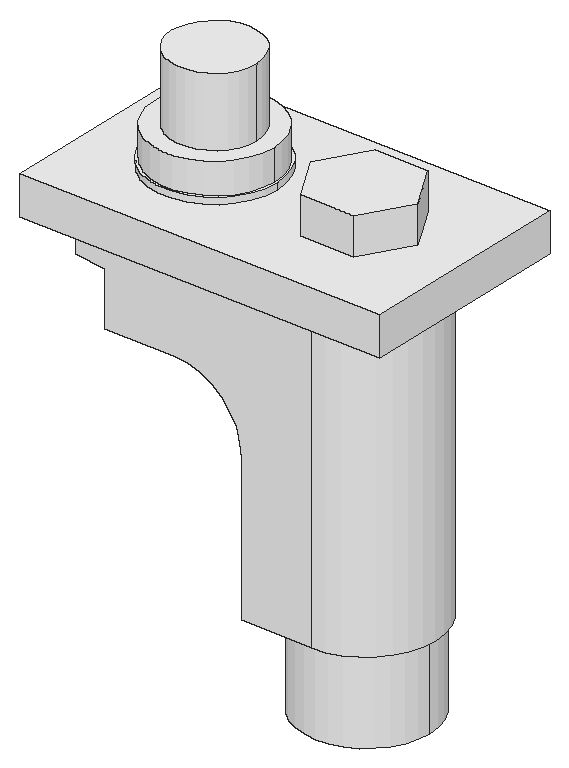
Revit family "MHY-30", category Plumbing Fixtures, host Face, Revit 2026
Family settings
  Host = Face
  Round Connector Dimension = Use Diameter
  Part Type = Normal
  Classification Number = 23.45.55.21
  Enable Cutting in Views = No
  Cut with Voids When Loaded = No
  Maintain Annotation Orientation = No
  Shared = No
  Room Calculation Point = No
Parameters
  Wall Thikness = 3.500"
  WFU = 0
  URL = "www.mifab.com"
  Model = "MHY-30"
  Manufacturer = "MIFAB"
  Hydrant Material = Chrome Plated
  Description = "Moderate Climate Wall Hydrant"
  Default Elevation = 0.000"
Reference planes (in)
  plane 1 "Center (Front/Back)": y = 0
  plane 2: z = 0
  plane 3 "Center (Left/Right)": x = 0
  plane 4: z = -6.364
  plane 5: z = -1.864
  plane 6: z = -5.364
Forms (in)
  Extrusion 1, solid, material "Chrome Plated" <- "Hydrant Material"
    sketch origin (-0.41379, 0, -10.36788) x (1, 0, 0) y (0, 1, 0)
      loop
        circle (1.38, 0) r 0.75
    from 4.00388 to 5.00388
  Extrusion 2, solid, material "Chrome Plated" <- "Hydrant Material"
    sketch origin (-0.41379, 0, -18.00514) x (1, 0, 0) y (0, 1, 0)
      loop
        arc (1.38, -0.8125) -> (2.1925, 0) -> (1.38, 0.8125) r 0.8125
        line (1.38, 0.8125) -> (1.38, -0.8125)
    from 12.64114 to 16.30514
  Extrusion 3, solid, material "Chrome Plated" <- "Hydrant Material"
    sketch origin (-0.41379, 0, -18.00514) x (1, 0, 0) y (0, 0, 1)
      loop
        line (-1.398, 16.30514) -> (-1.398, 15.83003) -> (-1.055, 15.78703) -> (-1.055, 15.1529) -> (-0.24047, 15.1529)
        arc (-0.24047, 15.1529) -> (0.31997, 14.92075) -> (0.55211, 14.36031) r 0.79258
        line (0.55211, 14.36031) -> (0.55211, 12.64114) -> (1.38, 12.64114) -> (1.38, 16.30514) -> (-1.398, 16.30514)
    from -0.8125 to 0.8125
  Extrusion 4, solid, material "Chrome Plated" <- "Hydrant Material"
    sketch origin (-0.41379, 0, -10.36788) x (1, 0, 0) y (0, 1, 0)
      loop
        line (-1.71121, -1.25) -> (2.53879, -1.25) -> (2.53879, 1.25) -> (-1.71121, 1.25) -> (-1.71121, -1.25)
    from 8.66788 to 9.11788
  Extrusion 5, solid, material "Chrome Plated" <- "Hydrant Material"
    sketch origin (-0.44319, 0, -17.55514) x (1, 0, 0) y (0, 1, 0)
      loop
        circle (-0.38412, 0) r 0.739
    from 16.30514 to 16.37894
  Extrusion 6, solid, material "Chrome Plated" <- "Hydrant Material"
    sketch origin (-0.44319, 0, -17.55514) x (1, 0, 0) y (0, 1, 0)
      loop
        circle (-0.38412, 0) r 0.70723
    from 16.37894 to 16.74065
  Extrusion 7, solid, material "Chrome Plated" <- "Hydrant Material"
    sketch origin (-0.44319, 0, -17.55514) x (1, 0, 0) y (0, 1, 0)
      loop
        circle (-0.38412, 0) r 0.5
    from 16.74065 to 17.55514
  Extrusion 8, solid, material "Chrome Plated" <- "Hydrant Material"
    sketch origin (-0.44319, 0, -17.55514) x (1, 0, 0) y (0, 1, 0)
      loop
        line (0.7505, 0) -> (1.06525, -0.54516) -> (1.69475, -0.54516) -> (2.0095, 0) -> (1.69475, 0.54516) -> (1.06525, 0.54516) -> (0.7505, 0)
    from 16.30514 to 16.74065
Cuts and joins
  joined: Extrusion 1, Extrusion 2, Extrusion 3, Extrusion 4, Extrusion 5, Extrusion 6, Extrusion 7, Extrusion 8
Lines and regions (in)
  symbolic lines, style "PlumbingFixtures"
    curve 1: line (-2.125, 1.0625, 0) -> (2.125, 1.0625, 0)
    curve 2: line (-2.125, -1.4375, 0) -> (-2.125, 1.0625, 0)
    curve 3: line (2.125, -1.4375, 0) -> (-2.125, -1.4375, 0)
    curve 4: line (2.125, 1.0625, 0) -> (2.125, -1.4375, 0)
Dimensions and locks (in)
  "Wall Thikness": plane 5 to plane 6
  curve 2 to curve 4 = 4.250"  (x2)
  curve 4 to curve 2 = 4.250"
  locked: cut or joined group 1 (Extrusion 1, Extrusion 2, Extrusion 3, Extrusion 4, Extrusion 5, Extrusion 6, Extrusion 7, Extrusion 8) to cut or joined group 1 at 0.45
  Extrusion 4 sketch curve to Extrusion 4 sketch curve = 4.250"
  Extrusion 4 sketch curve to plane 1 "Center (Front/Back)" to Extrusion 4 sketch curve = 1.250", 1.250"
  plane 6 to plane 4 = 1.000"
  aligned and locked: plane 2 to host face
  aligned and locked: level to host face
  aligned and locked: Extrusion 3 to Extrusion 1
  aligned and locked: Extrusion 2 to Extrusion 1
  aligned and locked: Extrusion 3 to Extrusion 2
  aligned and locked: Extrusion 1 to plane 4
  aligned and locked: Extrusion 2 to plane 6
  aligned and locked: Extrusion 5 to Extrusion 8
  aligned and locked: Extrusion 6 to Extrusion 5
  aligned and locked: Extrusion 6 to Extrusion 7
  aligned and locked: Extrusion 7 to Extrusion 8
  aligned and locked: Extrusion 8 to Extrusion 6
  aligned and locked: Extrusion 2 to Extrusion 3
  aligned and locked: Extrusion 4 to Extrusion 2
  aligned and locked: Extrusion 4 to Extrusion 5
  aligned and locked: Extrusion 8 to cut or joined group 1
  aligned and locked: Extrusion 5 to cut or joined group 1
  aligned and locked: level to Extrusion 7
Automatic sketch dimensions
  host sketch curve to host sketch curve = 20.58785"
  host sketch curve to host sketch curve = 16.42037"
  plane 1 "Center (Front/Back)" to Extrusion 1 sketch curve = 0.000"
  plane 3 "Center (Left/Right)" to Extrusion 1 sketch curve = 0.96621"
  plane 3 "Center (Left/Right)" to Extrusion 2 sketch curve = 0.96621"
  plane 1 "Center (Front/Back)" to Extrusion 2 sketch curve = 0.8125"
  plane 1 "Center (Front/Back)" to Extrusion 2 sketch curve = 0.000"
  Extrusion 3 sketch curve to plane 6 = 0.000"
  plane 5 to Extrusion 3 sketch curve = 0.164"
  Extrusion 3 sketch curve to plane 3 "Center (Left/Right)" = 1.81179"
  plane 3 "Center (Left/Right)" to Extrusion 3 sketch curve = 0.13832"
  plane 6 to Extrusion 3 sketch curve = 1.71917"
  Extrusion 3 sketch curve to Extrusion 3 sketch curve = 0.343"
  Extrusion 3 sketch curve to plane 3 "Center (Left/Right)" = 0.65426"
  plane 3 "Center (Left/Right)" to Extrusion 3 sketch curve = 0.96621"
  Extrusion 3 sketch curve to plane 5 = 0.35411"
  Extrusion 3 sketch curve to plane 5 = 0.31111"
  Extrusion 4 sketch curve to plane 3 "Center (Left/Right)" = 2.125"
  plane 1 "Center (Front/Back)" to Extrusion 5 sketch curve = 0.000"
  Extrusion 5 sketch curve to plane 3 "Center (Left/Right)" = 0.82731"
  plane 1 "Center (Front/Back)" to Extrusion 6 sketch curve = 0.000"
  Extrusion 6 sketch curve to plane 3 "Center (Left/Right)" = 0.82731"
  plane 1 "Center (Front/Back)" to Extrusion 7 sketch curve = 0.000"
  Extrusion 7 sketch curve to plane 3 "Center (Left/Right)" = 0.82731"
  plane 1 "Center (Front/Back)" to Extrusion 8 sketch curve = 0.000"  (x2)
  plane 3 "Center (Left/Right)" to Extrusion 8 sketch curve = 0.30731"
  plane 1 "Center (Front/Back)" to Extrusion 8 sketch curve = 0.54516"
  plane 3 "Center (Left/Right)" to Extrusion 8 sketch curve = 0.62206"  (x2)
  Extrusion 8 sketch curve to plane 1 "Center (Front/Back)" = 0.54516"
  Extrusion 8 sketch curve to Extrusion 8 sketch curve = 0.6295"  (x2)
  Extrusion 8 sketch curve to Extrusion 8 sketch curve = 0.31475"
  curve 1 to plane 1 "Center (Front/Back)" = 1.0625"
  curve 1 to plane 3 "Center (Left/Right)" = 2.125"
  plane 1 "Center (Front/Back)" to curve 4 = 1.4375"
  radius of Extrusion 1 sketch curve = 0.750"
  radius of Extrusion 5 sketch curve = 0.739"
  radius of Extrusion 6 sketch curve = 0.70723"
  radius of Extrusion 7 sketch curve = 0.500"
Connectors (in)
  piping at (0.96621, 0, -6.364), diameter 1.5
    settings: on cut or joined group 1, index 2, connector inside diameter 1 1/2", connector length 0.000", flow factor 0, pipe flow 0 GPM, pressure drop 0.00 psi, fitting loss kfactor 0, connector angle 0.00°, fixture units 0, engagement length 0.000", angle of deflection 0.00°, flow configuration 0, flow direction 0, fitting loss method 0, system type 7, joint type 0, gender type 0, connector reference index -1, connector utility 0, adjustable connector no, is connector primary yes, connector description "Inlet"
  piping at (-0.82731, 0, 0), diameter 0.75
    settings: on cut or joined group 1, index 3, connector inside diameter 3/4", connector length 0.000", flow factor 0, pipe flow 0 GPM, pressure drop 0.00 psi, fitting loss kfactor 0, connector angle 0.00°, fixture units 0, engagement length 0.000", angle of deflection 0.00°, flow configuration 0, flow direction 0, fitting loss method 0, system type 7, joint type 0, gender type 0, connector reference index -1, connector utility 0, adjustable connector no, is connector primary no, connector description "Male Hose"
